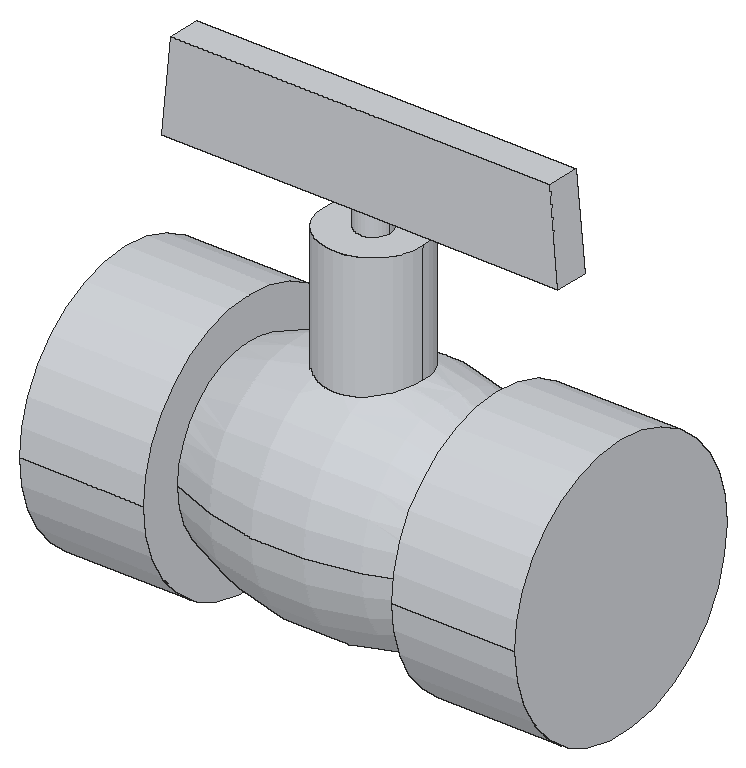
Revit family "Válvula Bola Ball com Borboleta - 20-25 mm", category Acessórios do tubo, Revit 2019
Family settings
  Cota do conector redondo = Usar raio
  Tipo de parte = Válvula - Quebra entre
  ID de item do Seek = Ball Valve - 50-150 mm-0000-CAN-ENU
  Com base no plano de trabalho = Não
  Sempre na vertical = Sim
  Corte com vazios quando carregada = Não
  Compartilhado = Não
Parameters (values of type "20 mm")
  Material da válvula = none
  Raio do tronco = Diâmetro do tronco / 2  # 2.00 mm
  Diâmetro do tronco = 0.2 * Diâmetro nominal  # 4.00 mm
  Comprimento do lacre = 0.25 * Comprimento do corpo  # 15.00 mm
  Raio = 33.00 mm
  Raio da porca = Diâmetro da porca / 2  # 3.00 mm
  Diâmetro da porca = 0.3 * Diâmetro nominal  # 6.00 mm
  Raio nominal = 10 mm
  Diâmetro nominal = Raio nominal * 2  # 20 mm
  Método de perda = Coeficiente K
  Comprimento 1 = Comprimento do corpo - 2 * Comprimento do adaptador  # 48.00 mm
  K Coefficient = 0.34
  Altura do puxador = Raio do corpo  # 11.00 mm
  Borboleta = Diâmetro nominal / 5  # 4.00 mm
  Raio do corpo = Diâmetro do corpo / 2  # 11.00 mm
  Comprimento do corpo = Diâmetro nominal * 3  # 60.00 mm
  Altura do corpo = 1.3 * Diâmetro do corpo  # 28.60 mm
  Diâmetro do corpo = 1.1 * Diâmetro nominal  # 22.00 mm
  Raio do adaptador = Diâmetro do adaptador / 2  # 16.00 mm
  Comprimento do adaptador = 0.1 * Comprimento do corpo  # 6.00 mm
  Diâmetro do adaptador = 1.6 * Diâmetro nominal  # 32.00 mm
Types (3, lengths in mm): name | Raio do tronco | Diâmetro do tronco | Comprimento do lacre | Raio | Raio da porca | Diâmetro da porca | Raio nominal | Diâmetro nominal | Comprimento 1 | K Coefficient | Altura do puxador | Borboleta | Raio do corpo | Comprimento do corpo | Altura do corpo | Diâmetro do corpo | Raio do adaptador | Comprimento do adaptador | Diâmetro do adaptador
  (no name) | 2.00 | 4.00 | 15.00 | 33.00 | 3.00 | 6.00 | 10 | 20 | 48.00 | 0.34 | 11.00 | 4.00 | 11.00 | 60.00 | 28.60 | 22.00 | 16.00 | 6.00 | 32.00
  20 mm | 2.00 | 4.00 | 15.00 | 33.00 | 3.00 | 6.00 | 10 | 20 | 48.00 | 0.34 | 11.00 | 4.00 | 11.00 | 60.00 | 28.60 | 22.00 | 16.00 | 6.00 | 32.00
  25 mm | 2.50 | 5.00 | 18.75 | 40.50 | 3.75 | 7.50 | 12.5 | 25 | 60.00 | 0.3 | 13.75 | 5.00 | 13.75 | 75.00 | 35.75 | 27.50 | 20.00 | 7.50 | 40.00
Reference planes
  plane 1 "Centro (Frente/Trás)": y = 0
  plane 2: z = 0
  plane 3 "Centro (Esquerda/Direita)": x = 0
  plane 4: x = -30
  plane 5: x = 30
  plane 6: y = 16
  plane 7: y = -16
  plane 8: x = -24
  plane 9: x = 24
  plane 10: x = 15
  plane 11: x = -15
  plane 12: y = 11
  plane 13: y = -11
  plane 14: z = 28.6
  plane 15: z = 42.087
  plane 16: z = 31.087
  plane 17: y = 48
  plane 18: z = 31.087
  plane 19: z = 210.122
Forms (mm)
  Extrusion 1, solid, material <- "Material da válvula", detail levels fine
    sketch origin (0, 0, 0) x (0, 1, 0) y (0, 0, 1)
      loop
        circle (0, 0) r 16
    from 15 to 30
  Extrusion 2, solid, material <- "Material da válvula", detail levels fine
    sketch origin (0, 0, 0) x (0, 1, 0) y (0, 0, -1)
      loop
        circle (0, 0) r 16
    from 15 to 30
  Revolve 3, solid, material <- "Material da válvula", detail levels fine
    sketch origin (0, 0, 0) x (1, 0, 0) y (0, 1, 0)
      loop
        line (-15, 0) -> (-15, -11)
        arc (-15, -11) -> (0, -14.606) -> (15, -11) r 33
        line (15, -11) -> (15, 0) -> (-15, 0)
      axis (-15, 0) -> (15, 0)
    angle from 0 to 360
  Extrusion 4, solid, material <- "Material da válvula", detail levels fine
    sketch origin (0, 0, 0) x (1, 0, 0) y (0, 1, 0)
      loop
        circle (0, 0) r 6
    from 0 to 28.6
  Extrusion 5, solid, material <- "Material da válvula", detail levels fine
    sketch origin (0, 0, 0) x (1, 0, 0) y (0, 1, 0)
      loop
        circle (0, 0) r 2
    from 0 to 42.087
  Extrusion 6, solid, material <- "Material da válvula", detail levels fine
    sketch origin (0, -8.125, 0) x (1, 0, 0) y (0, 1, 0)
      loop
        line (-24, 10.125) -> (-24, 6.125) -> (24, 6.125) -> (24, 10.125) -> (-24, 10.125)
    from 31.087 to 42.087
  Extrusion 7, void
    sketch origin (0, 0, 0) x (1, 0, 0) y (0, 0, 1)
      loop
        line (-24, 31.087) -> (-6.681, 210.122) -> (-24, 210.122) -> (-24, 31.087)
    from -10 to 10.013
  Extrusion 8, void
    sketch origin (0, 0.013, 0) x (-1, 0, 0) y (0, 0, -1)
      loop
        line (-24, -31.087) -> (-24, -210.122) -> (-6.681, -210.122) -> (-24, -31.087)
    from -10 to 10.013
Cuts and joins
  Extrusion 7, Extrusion 8 cuts Extrusion 6
  joined: Extrusion 1, Extrusion 2, Revolve 3, Extrusion 4, Extrusion 5, Extrusion 6
Lines and regions (mm)
  reference lines
    curve 1: line (0, 0, 34.387) -> (15, 0, 34.387)
    curve 2: line (15, 0, 34.387) -> (18.3, 0, 37.687)
  model lines, detail levels coarse+medium
    curve 3: line (-30, 16, 0) -> (-30, -16, 0)
    curve 4: line (30, 16, 0) -> (30, -16, 0)
    curve 5: circle (0, 0, 0) r 15 normal (0, 0, 1)
    curve 6: line (-30, 48, 0) -> (30, 48, 0)
    curve 7: line (0, 48, 0) -> (0, 15, 0)
Dimensions and locks
  equal spacing: plane 4, plane 3 "Centro (Esquerda/Direita)", plane 5
  "Comprimento do corpo": plane 4 to plane 5
  "Raio do adaptador": plane 6 to plane 1 "Centro (Frente/Trás)"
  equal spacing: plane 6, plane 1 "Centro (Frente/Trás)", plane 7
  "Comprimento do adaptador": plane 4 to plane 8
  "Comprimento do adaptador": plane 9 to plane 5
  "Comprimento do lacre": plane 10 to plane 5
  "Comprimento do lacre": plane 4 to plane 11
  "Raio do corpo": plane 12 to plane 1 "Centro (Frente/Trás)"
  equal spacing: plane 12, plane 1 "Centro (Frente/Trás)", plane 13
  "Altura do corpo": plane 14 to plane 2
  "Comprimento 1": plane 17 to plane 1 "Centro (Frente/Trás)"
  "Altura do puxador": plane 15 to plane 18
  locked: plane 18 to plane 14 at 2.487
  "Raio do adaptador": radius of Extrusion 1 sketch curve
  "Raio do adaptador": radius of Extrusion 2 sketch curve
  "Diâmetro da porca": radius of Extrusion 4 sketch curve
  "Raio do tronco": radius of Extrusion 5 sketch curve
  "Raio": radius of Revolve 3 sketch curve
  aligned and locked: plane 1 "Centro (Frente/Trás)" to Extrusion 1 sketch curve
  aligned and locked: plane 2 to Extrusion 1 sketch curve
  aligned and locked: Extrusion 1 to plane 5
  aligned and locked: plane 1 "Centro (Frente/Trás)" to Extrusion 2 sketch curve
  aligned and locked: plane 2 to Extrusion 2 sketch curve
  aligned and locked: Extrusion 2 to plane 4
  aligned and locked: Revolve 3 sketch curve to plane 1 "Centro (Frente/Trás)"
  aligned and locked: Revolve 3 sketch curve to Revolve 3 sketch curve
  aligned and locked: plane 3 "Centro (Esquerda/Direita)" to Extrusion 4 sketch curve
  aligned and locked: plane 1 "Centro (Frente/Trás)" to Extrusion 4 sketch curve
  aligned and locked: plane 14 to Extrusion 4
  aligned and locked: Extrusion 4 to level
  aligned and locked: plane 15 to Extrusion 5
  aligned and locked: plane 10 to curve 2
  aligned and locked: plane 3 "Centro (Esquerda/Direita)" to curve 1
  aligned and locked: plane 6 to curve 3
  aligned and locked: plane 7 to curve 3
  aligned and locked: plane 6 to curve 4
  aligned and locked: plane 7 to curve 4
  aligned and locked: cut or joined group of Extrusion 1, Extrusion 2, Revolve 3, Extrusion 4, Extrusion 5, Extrusion 6, Extrusion 7, Extrusion 8 to plane 5
  aligned and locked: plane 18 to plane 16
  aligned and locked: plane 11 to Extrusion 2
  aligned and locked: Extrusion 1 to plane 10
  aligned and locked: Extrusion 6 to plane 16
  aligned and locked: plane 15 to Extrusion 6
  aligned and locked: plane 19 to Extrusion 7
  aligned and locked: Extrusion 8 to Extrusion 7
  aligned and locked: plane 5 to curve 6
  aligned and locked: plane 4 to curve 6
  aligned and locked: curve 6 to plane 17
  aligned and locked: curve 7 to plane 3 "Centro (Esquerda/Direita)"
Automatic sketch dimensions
  Revolve 3 sketch curve to plane 11 = 0.00 mm  (x3)
  Revolve 3 sketch curve to plane 3 "Centro (Esquerda/Direita)" = 0.00 mm
  Revolve 3 sketch curve to plane 10 = 0.00 mm  (x3)
  plane 13 to Revolve 3 sketch curve = 0.00 mm  (x3)
  plane 1 "Centro (Frente/Trás)" to Extrusion 5 sketch curve = 0.00 mm
  Extrusion 5 sketch curve to plane 3 "Centro (Esquerda/Direita)" = 0.00 mm
  plane 10 to curve 2 = 3.30 mm
  plane 16 to curve 1 = 3.30 mm
  Extrusion 6 sketch curve to plane 8 = 0.00 mm
  Extrusion 6 sketch curve to plane 9 = 0.00 mm
  plane 1 "Centro (Frente/Trás)" to Extrusion 6 sketch curve = 2.00 mm
  Extrusion 6 sketch curve to plane 1 "Centro (Frente/Trás)" = 2.00 mm
  Extrusion 7 sketch curve to plane 8 = 0.00 mm
  plane 15 to Extrusion 7 sketch curve = 168.035 mm
  Extrusion 7 sketch curve to plane 16 = 0.00 mm
  plane 8 to Extrusion 7 sketch curve = 17.319 mm
  Extrusion 8 sketch curve to plane 9 = 0.00 mm
  Extrusion 8 sketch curve to plane 15 = 168.035 mm
  Extrusion 8 sketch curve to plane 16 = 0.00 mm
  plane 9 to Extrusion 8 sketch curve = 17.319 mm
  curve 2 to plane 15 = 4.40 mm
  curve 3 to plane 4 = 0.00 mm
  plane 1 "Centro (Frente/Trás)" to curve 5 = 0.00 mm
  curve 5 to plane 3 "Centro (Esquerda/Direita)" = 0.00 mm
  curve 4 to plane 5 = 0.00 mm
  curve 7 to plane 6 = 1.00 mm
Connectors
  piping at (-30, 0, 0), diameter 20, driven by "Raio nominal"
    settings: on cut or joined group of Extrusion 1, Extrusion 2, Revolve 3, Extrusion 4, Extrusion 5, Extrusion 6, Extrusion 7, Extrusion 8, index 1, connector inside diameter 20 mm, connector length 0.00 mm, flow factor 0, pipe flow 0.0 L/s, pressure drop 0.0 Pa, fitting loss kfactor 0, connector angle 0.00°, fixture units 0, engagement length 0.00 mm, angle of deflection 0.00°, flow configuration 0, flow direction 0, fitting loss method 0, system type 29, joint type 0, gender type 0, connector reference index 2, connector utility 0, adjustable connector no, is connector primary yes, connector description ""
  piping at (30, 0, 0), diameter 20, driven by "Raio nominal", driven by "K Coefficient"
    settings: on cut or joined group of Extrusion 1, Extrusion 2, Revolve 3, Extrusion 4, Extrusion 5, Extrusion 6, Extrusion 7, Extrusion 8, index 2, connector inside diameter 20 mm, connector length 0.00 mm, flow factor 0, pipe flow 0.0 L/s, pressure drop 0.0 Pa, fitting loss kfactor 0.34, connector angle 0.00°, fixture units 0, engagement length 0.00 mm, angle of deflection 0.00°, flow configuration 0, flow direction 0, fitting loss method 0, system type 29, joint type 0, gender type 0, connector reference index 1, connector utility 0, adjustable connector no, is connector primary no, connector description ""
